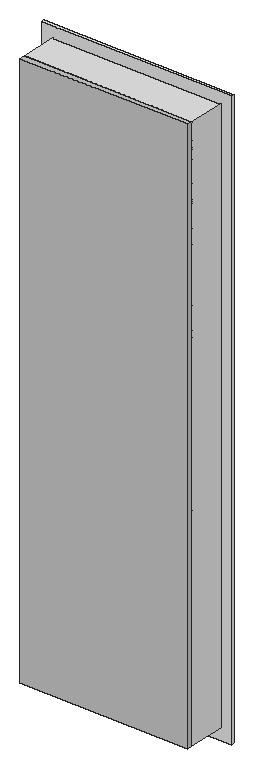
Revit family
Parameters
  Material = Metal - Stainless
  Keynote = "N13/360"
  Assembly Code = "C1030210"
  Panel Height = 1350 mm
  Panel Width = 440 mm
Reference planes
  plane 1: y = 0
  plane 2 "Center": x = -12.119
  plane 3: z = 914.4
  plane 4: y = 76.2
  plane 5: z = 1219.2
Forms (mm)
  Extrusion 1, solid, material "Metal - Stainless" <- "Material"
    sketch origin (-1524, 76.2, 0) x (-1, 0, 0) y (0, 0, 1)
      loop
        line (-1731.881, 1655.005) -> (-1731.881, 305.005) -> (-1291.881, 305.005) -> (-1291.881, 1655.005) -> (-1731.881, 1655.005)
      loop
        line (-1693.781, 914.4) -> (-1329.981, 914.4) -> (-1329.981, 1270) -> (-1693.781, 1270) -> (-1693.781, 914.4)
    from 0 to 6.35
  Extrusion 2, void
    sketch origin (-1524, 76.2, 0) x (-1, 0, 0) y (0, 0, 1)
      loop
        line (-1706.481, 342.9) -> (-1317.281, 342.9) -> (-1317.281, 1616.905) -> (-1706.481, 1616.905) -> (-1706.481, 342.9)
    from 0 to -88.9
  Extrusion 3, solid, material "Metal - Stainless" <- "Material"
    sketch origin (-1524, 76.2, 0) x (-1, 0, 0) y (0, 0, 1)
      loop
        line (-1693.781, 1616.905) -> (-1693.781, 342.9) -> (-1329.981, 342.9) -> (-1329.981, 1616.905) -> (-1693.781, 1616.905)
      loop
        line (-1317.281, 330.2) -> (-1317.281, 1629.4) -> (-1706.481, 1629.4) -> (-1706.481, 330.2) -> (-1317.281, 330.2)
    from 0 to -82.55
  Extrusion 4, solid, material "Metal - Aluminum"
    sketch origin (-1524, -6.35, 0) x (-1, 0, 0) y (0, 0, 1)
      loop
        line (-1317.281, 1629.4) -> (-1706.481, 1629.4) -> (-1706.481, 330.2) -> (-1317.281, 330.2) -> (-1317.281, 1629.4)
    from 0 to -12.7
Cuts and joins
  Extrusion 2 cuts Extrusion 1
Lines and regions (mm)
  Masking region 1
    outline origin (0, 0, 0) x (1, 0, 0) y (0, 1, 0)
      loop
        line (-232.119, 76.2) -> (207.881, 76.2) -> (207.881, 82.55) -> (-232.119, 82.55) -> (-232.119, 76.2)
  symbolic lines
    curve 1: line (-232.119, 82.55, 0) -> (207.881, 82.55, 0)
    curve 2: line (-232.119, 82.55, 0) -> (-232.119, 76.2, 0)
    curve 3: line (207.881, 82.55, 0) -> (207.881, 76.2, 0)
  model lines
    curve 4: line (169.781, 82.55, 1616.905) -> (169.781, 82.55, 1270)
    curve 5: line (-194.019, 82.55, 1616.905) -> (169.781, 82.55, 1616.905)
    curve 6: line (-194.019, 82.55, 1270) -> (-194.019, 82.55, 1616.905)
    curve 7: line (169.781, 82.55, 914.4) -> (-194.019, 82.55, 914.4)
    curve 8: line (169.781, 82.55, 342.9) -> (169.781, 82.55, 914.4)
    curve 9: line (-194.019, 82.55, 342.9) -> (169.781, 82.55, 342.9)
    curve 10: line (-194.019, 82.55, 914.4) -> (-194.019, 82.55, 342.9)
Text (mm)
  text "Face" at (0, 390.954, 1505.408), in view "Right"
  text "Face" at (-129.735, 499.47, 0), in view "Ref. Level"
  text "Face" at (0, 1087.803, 982.735), in view "Left"
Dimensions and locks
  "Panel Width": Extrusion 1 sketch curve to Extrusion 1 sketch curve
  "Panel Height": Extrusion 1 sketch curve to Extrusion 1 sketch curve
  equal spacing: Extrusion 1 sketch curve, plane 2 "Center", Extrusion 1 sketch curve
  locked: cut or joined group of Extrusion 1, Extrusion 2 to Extrusion 2 sketch curve at 25.4  (x2)
  locked: Extrusion 3 sketch curve to cut or joined group of Extrusion 1, Extrusion 2 at 25.4  (x2)
  locked: Extrusion 1 sketch curve to Extrusion 1 sketch curve at 38.1  (x2)
  locked: curve 5 to cut or joined group of Extrusion 1, Extrusion 2 at 38.1
  locked: Extrusion 3 sketch curve to cut or joined group of Extrusion 1, Extrusion 2 at 25.605
  aligned and locked: plane 4 to host wall
  aligned and locked: Extrusion 3 to Extrusion 4 sketch curve
  aligned and locked: Extrusion 4 sketch curve to Extrusion 3  (x2)
  aligned and locked: Extrusion 4 sketch curve to host wall
  aligned and locked: curve 2 to cut or joined group of Extrusion 1, Extrusion 2
  aligned and locked: curve 3 to cut or joined group of Extrusion 1, Extrusion 2
  aligned and locked: curve 4 to cut or joined group of Extrusion 1, Extrusion 2
  aligned and locked: curve 8 to cut or joined group of Extrusion 1, Extrusion 2
  aligned and locked: curve 6 to cut or joined group of Extrusion 1, Extrusion 2
  aligned and locked: cut or joined group of Extrusion 1, Extrusion 2 to curve 10
  aligned and locked: Extrusion 2 sketch curve to curve 8
  aligned and locked: Extrusion 2 sketch curve to curve 4
Automatic sketch dimensions
  curve 2 to plane 4 = 0 mm
  curve 3 to plane 4 = 0 mm
  curve 3 to plane 4 = 6.35 mm
  Extrusion 1 sketch curve to plane 3 = 0 mm
  level to Extrusion 1 sketch curve = 305.005 mm
  plane 5 to Extrusion 1 sketch curve = 50.8 mm
  curve 7 to plane 3 = 0 mm
  plane 5 to curve 4 = 50.8 mm
  plane 5 to curve 6 = 50.8 mm
  level to curve 9 = 342.9 mm
  Extrusion 3 sketch curve to Extrusion 3 sketch curve = 12.7 mm  (x3)
  level to Extrusion 3 sketch curve = 330.2 mm
  Extrusion 3 sketch curve to Extrusion 3 sketch curve = 12.495 mm
  Masking region 1 sketch curve to plane 2 "Center" = 220 mm
  host wall to Masking region 1 sketch curve = 6.35 mm
  Masking region 1 sketch curve to host wall = 0 mm
  plane 2 "Center" to Masking region 1 sketch curve = 220 mm
